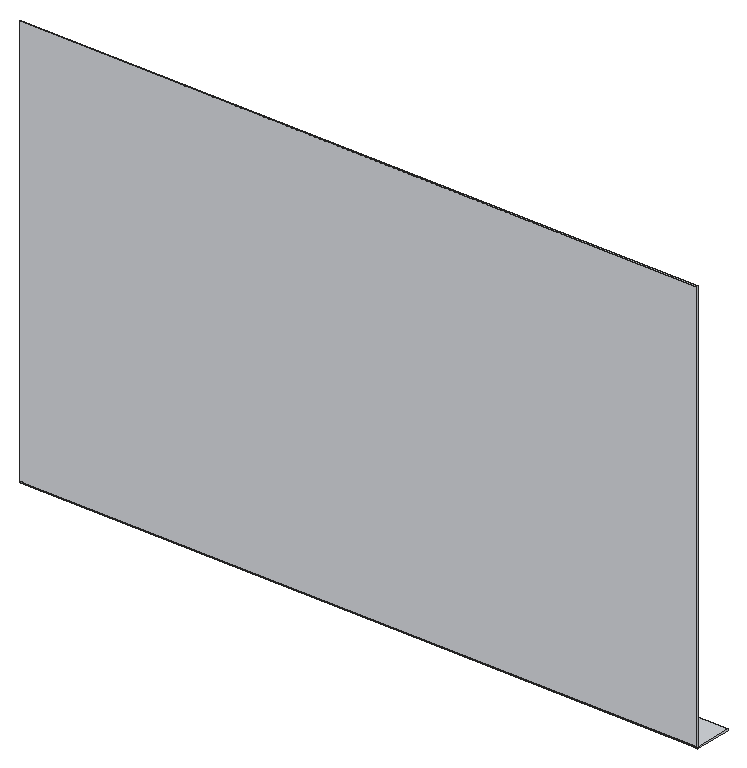
Revit family "Rebase 20.250", category Mechanical Equipment, Revit 2014
Parameters
  Vikt = 0 mm
  Model = "20.250"
  Manufacturer = "Rebase AB"
  Description = "Fixtur för armstöd"
Reference planes
  plane 1 "Center (Front/Back)": y = 0
  plane 2: z = 0
  plane 3 "Center (Left/Right)": x = 0
Forms (mm)
  Extrusion 1, solid
    sketch origin (0, 0, 0) x (0, 1, 0) y (0, 0, 1)
      loop
        line (45, 467.5) -> (2.5, 467.5)
        arc (2.5, 467.5) -> (1.793, 467.793) -> (1.5, 468.5) r 1
        line (1.5, 468.5) -> (1.5, 956) -> (0, 956) -> (0, 468.5)
        arc (0, 468.5) -> (0.732, 466.732) -> (2.5, 466) r 2.5
        line (2.5, 466) -> (45, 466) -> (45, 467.5)
    from -400 to 400
Dimensions and locks
  Extrusion 1 to level = 466 mm
  aligned and locked: level to plane 2
